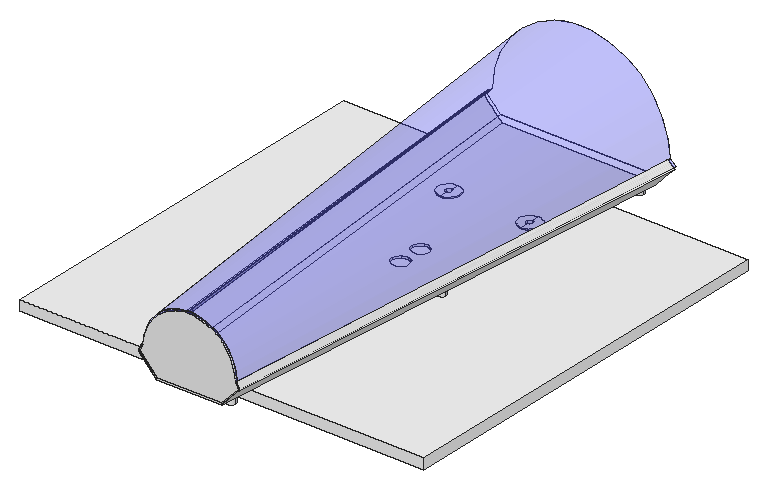
Revit family "BE_50127.1_de_DE", category Leuchten, Revit 2020
Family settings
  Basisbauteil = Fläche
  Bemaßung runder Anschluss = Durchmesser verwenden
  Teiletyp = Normal
  Beim Laden mit Abzugskörper schneiden = Ja
  Lichtquelle = Ja
  Gemeinsam genutzt = Nein
  Raumberechnungspunkt = Ja
Parameters (values of type "BEGA_50127.1_K4")
  built-in parameter 1150104 = 13.22 (stored number, unit not read)
  Wattage = 19.6 W
  Default Elevation = 0 mm
  built-in parameter 1150113 = 1 (stored number, unit not read)
  built-in parameter 1114218 = 1 (stored number, unit not read)
  Umgebungstemperatur = "25 °C"
  URL = "https://www.bega.com/de/produkt/50127.1"
  Typenkommentare = "© 2022 BEGA. Wir behalten uns das Recht vor, technische Änderungen ohne vorherige Ankündigung vorzunehmen."  # constant formula
  built-in parameter 1150134 = 12
  built-in parameter 1150109 = 1 (stored number, unit not read)
  Strom = ""
  built-in parameter 1150110 = 1 (stored number, unit not read)
  Spannung = 239.996 V
  Sonderanfertigung = no
  Seriennummer [instance] = "Hier können Sie die eindeutige Seriennummer für das Facility Management eintragen."
  Schutzklasse = "I"
  Schutzart = "IP 20"
  Scheinlast = 0 VA
  Produktdatenblatt = "https://cdn.bega.com/bega/products/50127.1K4/current/documents/data-sheets/de"
  Oberflächentemperatur = ""
  Neigungswinkel = 0.00°
  Modell = "50127.1K4"
  Material_17 = BEGA_Reflektor
  Material_15 = BEGA_Leuchtmedium_matt
  Material_11 = BEGA_Glas_opal
  Material_09 = BEGA_Glas_klar
  Material_06 = BEGA_Oberfläche_Edelstahl_gebürstet
  Material_05 = BEGA_Oberfläche_Aluminium Guss
  Material_03 = BEGA_Oberfläche_Weiss_matt
  Material_02 = BEGA_Oberfläche_Silber_matt
  Material_01 [instance] = BEGA_Oberfläche_Grafit_matt
  M_W = no
  M_G = no
  M_A = no
  Logo = 0
  built-in parameter 1114217 = 1 (stored number, unit not read)
  built-in parameter 1150139 = (empty or 0)
  built-in parameter 1150105 = 221.95 (stored number, unit not read)
  built-in parameter 1150114 = 1 (stored number, unit not read)
  Lumens = 2789.08 lm
  built-in parameter 1150115 = 1 (stored number, unit not read)
  Leuchtenlichtstrom = "2059 lm"
  Leuchtenanzahl = ""
  Lebensdauerkriterien = "L70B50 @ 25 °C = 200000 h"
  Lastklassifizierung = Beleuchtung
  built-in parameter 1150112 = 1 (stored number, unit not read)
  Lampenlichtstrom = "3350 lm"
  Lampe = "LED 19.2 W"
  LED_Modulbezeichnung = "2x LED-0574/940"
  Hersteller = "BEGA"  # constant formula
  Halbstreuwinkel = ""
  Gewicht = "2.54 kg"
  Gebrauchslageneinschränkung [instance] = ""
  Frequenz = "0/50-60 Hz"
  Farbwiedergabeindex = "CRI > 90"
  Farbtemperaturverschiebung bei Dämpfen der Lampe = <Keine Auswahl>
  Farbtemperatur = "4000 K"
  Color Filter = 16777215
  built-in parameter 1150133 = 10 (stored number, unit not read)
  Energieeffizienzklasse = "LED A++ - A"
  built-in parameter 1150137 = (empty or 0)
  built-in parameter 1150132 = (empty or 0)
  ENEC = "ja"
  Dimmbar [instance] = "DALI"
  Datei für fotometrisches Netz = "BE_50127.1K4.IES"
  CE_Konformität = "ja"
  Bestellnummer = "50127.1K4"
  Beschreibung_Sonderanfertigung = "Hier können Sie Informationen zur Sonderanfertigung eintragen."
  Beschreibung = "Wandleuchte"
  built-in parameter 1150106 = 2.2195 (stored number, unit not read)
  Befestigungsbohrung = "Ø 5,5 mm"
  Befestigungsabstand = "80 mm"
  Ballwurfsicher = ""
  BEGA_Intern_aus = yes
  BEGA_Intern_an = yes
  BEGA_Intern_Konstruktion = yes
  BEGA_Intern = yes
  BEGA_IES = yes
  BEGA_Dummy = no
  Anschlussleitung = ""
  Anschlussleistung [instance] = "22.3 W"
  Anschlusskasten = ""
  built-in parameter 1150107 = 4000 (stored number, unit not read)
  built-in parameter 1150102 = (empty or 0)
  built-in parameter 1150138 = (empty or 0)
  Aktualisierung = "2022-05-18T04:00:07"
  Abstand_zur_angestrahlten_Fläche [instance] = ""
  AC/DC = "AC/DC"
Types (2, lengths in mm): name | built-in parameter 1150104 | built-in parameter 1150134 | Modell | built-in parameter 1150105 | Lumens | Leuchtenlichtstrom | Lampenlichtstrom | LED_Modulbezeichnung | Farbtemperatur | Datei für fotometrisches Netz | Bestellnummer | built-in parameter 1150106 | built-in parameter 1150107
  BEGA_50127.1_K4 | 13.22 (stored number, unit not read) | 12 | "50127.1K4" | 221.95 (stored number, unit not read) | 2789.08 lm | "2059 lm" | "3350 lm" | "2x LED-0574/940" | "4000 K" | "BE_50127.1K4.IES" | "50127.1K4" | 2.2195 (stored number, unit not read) | 4000 (stored number, unit not read)
  BEGA_50127.1_K3 | 12.746 (stored number, unit not read) | (empty or 0) | "50127.1K3" | 213.99 (stored number, unit not read) | 2689.12 lm | "1980 lm" | "3220 lm" | "2x LED-0574/930" | "3000 K" | "BE_50127.1K3.IES" | "50127.1K3" | 2.1399 (stored number, unit not read) | 3000 (stored number, unit not read)
Reference planes
  plane 1 "Mitte (Vorne/Hinten)": y = 0
  plane 2: z = 0
  plane 3 "Mitte (Links/Rechts)": x = 0
  plane 4 "Links": x = -95.135
  plane 5 "Rechts": x = 95.135
  plane 6 "Unten": y = -240.45
  plane 7 "Oben": y = 244.55
  plane 8 "Vorne": z = 117.28
  plane 9 "Hinten": z = 0
Forms (mm)
  Extrusion 1, solid, material "BEGA_Platte_Weiss"
    sketch origin (0, -1119.2, 0) x (1, 0, 0) y (0, 1, 0)
      loop
        line (-200, 1319.2) -> (-200, 919.2) -> (200, 919.2) -> (200, 1319.2) -> (-200, 1319.2)
    from 0 to -10
  Extrusion 2, solid, material "BEGA_Dummy_matt", visible <- "BEGA_Dummy"
    sketch origin (80.095, -76.023, 0) x (1, 0, 0) y (0, 1, 0)
      loop
        line (-175.23, 320.573) -> (-175.23, -164.427) -> (15.04, -164.427) -> (15.04, 320.573) -> (-175.23, 320.573)
    from 0 to 117.28
Dimensions and locks
  plane 1 "Mitte (Vorne/Hinten)" to Extrusion 1 = 200 mm
  aligned and locked: plane 2 to Extrusion 1
  aligned and locked: level to Extrusion 1
Nested families
  nested 1: "BE_50127.1" at (0, 0, 0), type "BE_50127.1"
Connectors
  electrical at (0, 0, 0), driven by "Lastklassifizierung", driven by "Spannung", driven by "Scheinlast"
    settings: index 1, voltage 239.996 V, apparent load 0 VA, apparent load phase1 0 VA, apparent load phase2 0 VA, apparent load phase3 0 VA, power factor 1, load classification "Beleuchtung", number of poles 1, system type 31, power factor state 1, is connector primary yes, connector utility no, sub classification motor no, connector description ""
Definition of nested family "BE_50127.1"
  Parameters (values of type "BE_50127.1")
    Default Elevation = 1 mm
    URL = "http://www.bega.de/de/produkt"
    Type Comments = "© 2015 BEGA. Wir behalten uns das Recht vor, technische Änderungen ohne vorherige Ankündigung vorzunehmen. "  # constant formula
    Type Image = (empty or 0)
    Neigungswinkel_um_Z2 = 0.00°
    Neigungswinkel_um_Z1 = 0.00°
    Neigungswinkel_um_Y2 = 0.00°
    Neigungswinkel_um_Y1 = 0.00°
    Neigungswinkel_um_X2 = 0.00°
    Neigungswinkel_um_X1 = 0.00°
    Material_17 = none
    Material_15 = none
    Material_11 = none
    Material_09 = none
    Material_06 = none
    Material_05 = none
    Material_03 = none
    Material_02 = none
    Material_01 = none
    M_W = yes
    M_G = yes
    M_A = yes
    Länge_Platte = 300 mm  # constant formula
    Höhe_Platte = -10 mm  # constant formula
    Manufacturer = "BEGA"  # constant formula
    Drehwinkel_um_Z2 = 0.00°
    Drehwinkel_um_Z1 = 0.00°
    Breite_Platte = 600 mm  # constant formula
  Reference planes
    plane 1 "Mitte (Oben/Unten)": y = 0
    plane 2: z = 0
    plane 3 "Mitte (Links/Rechts)": x = 0
    plane 4: x = -95.135
    plane 5: x = 95.135
    plane 6: z = 117.28
    plane 7: y = -240.45
    plane 8: y = 244.55
  Forms (mm)
    Extrusion 1, solid, detail levels medium
      sketch origin (0, 0, 0) x (1, 0, 0) y (0, 1, 0)
        loop
          line (-150, 300) -> (-150, -300) -> (150, -300) -> (150, 300) -> (-150, 300)
      from 0 to -10 <- "Höhe_Platte"
    Blend 2, solid, material <- "Material_11", detail levels medium+fine
      base sketch origin (0, 0, 0) x (1, 0, 0) y (0, 0, 1)
        loop
          line (-35.776, 11) -> (35.776, 11) -> (48.961, 24.896) -> (46.65, 29.694)
          arc (46.65, 29.694) -> (0, 76.432) -> (-46.65, 29.694) r 46.65
          line (-46.65, 29.694) -> (-48.961, 24.896) -> (-35.776, 11)
      top sketch origin (0, 0, 0) x (1, 0, 0) y (0, 0, 1)
        loop
          line (-80.161, 11) -> (80.161, 11) -> (93.727, 25.4) -> (87.806, 31.02)
          arc (87.806, 31.02) -> (0, 117.28) -> (-87.806, 31.02) r 87.82
          line (-87.806, 31.02) -> (-93.727, 25.4) -> (-80.161, 11)
      from 239.381 to -244.55
    Extrusion 3, solid, material <- "Material_03", detail levels medium+fine
      sketch origin (0, 0, 0) x (1, 0, 0) y (0, 0, 1)
        loop
          line (-32.456, 7.5) -> (32.456, 7.5) -> (48.961, 24.896) -> (45.602, 31.869)
          arc (45.602, 31.869) -> (0, 75.432) -> (-45.602, 31.869) r 45.65
          line (-45.602, 31.869) -> (-48.961, 24.896) -> (-32.456, 7.5)
      from 239.381 to 240.45
    SweptBlend 4, solid, material <- "Material_03", detail levels medium+fine
      path origin (0, 0, 2) x (0, 1, 0) y (0, 0, -1)
        loop
          line (-240.45, -4.5) -> (240.55, -4.5)
      profile origin (0, -240.45, 6.5) x (0, 0, 1) y (1, 0, 0)
        loop
          line (18.901, -49.44) -> (1, -32.456) -> (1, 32.456) -> (18.901, 49.44) -> (25.078, 46.465) -> (25.416, 47.19) -> (18.751, 50.4) -> (-1, 31.661) -> (-1, -31.661) -> (18.751, -50.4) -> (25.416, -47.19) -> (25.078, -46.465) -> (18.901, -49.44)
      end profile origin (0, 240.55, 6.5) x (0, 0, 1) y (1, 0, 0)
        loop
          line (0, 75.922) -> (18.9, 93.727) -> (24.41, 87.923) -> (25.123, 88.621) -> (18.939, 95.135) -> (-1, 76.351) -> (-1, -76.351) -> (18.939, -95.135) -> (25.123, -88.621) -> (24.41, -87.923) -> (18.9, -93.727) -> (0, -75.922) -> (0, 75.922)
    Extrusion 5, void
      sketch origin (0, 0, 0) x (1, 0, 0) y (0, 1, 0)
        loop
          circle (0, 45.55) r 8.5
        loop
          circle (40, 130.55) r 3
        loop
          circle (-40, 130.55) r 3
        loop
          circle (0, 20.55) r 8.5
      from 0 to 8
    Revolve 6, solid, material <- "Material_03", detail levels medium+fine
      sketch origin (16.805, -224.45, 0) x (1, 0, 0) y (0, 0, 1)
        loop
          line (-49.5, 0) -> (-45.5, 0) -> (-45.5, 5.5) -> (-49.5, 5.5) -> (-49.5, 0)
        axis (-45.5, 5.5) -> (-45.5, 0)
      angle from 0 to 360
    Revolve 7, solid, material <- "Material_03", detail levels medium+fine
      sketch origin (-3.753, 10.539, 0) x (1, 0, 0) y (0, 0, 1)
        loop
          line (-49.5, 0) -> (-45.5, 0) -> (-45.5, 5.5) -> (-49.5, 5.5) -> (-49.5, 0)
        axis (-45.5, 5.5) -> (-45.5, 0)
      angle from 0 to 360
    Revolve 8, solid, material <- "Material_03", detail levels medium+fine
      sketch origin (-23.001, 230.539, 0) x (1, 0, 0) y (0, 0, 1)
        loop
          line (-49.5, 0) -> (-45.5, 0) -> (-45.5, 6.009) -> (-49.5, 6.009) -> (-49.5, 0)
        axis (-45.5, 6.009) -> (-45.5, 0)
      angle from 0 to 360
    Revolve 9, solid, material <- "Material_03", detail levels medium+fine
      sketch origin (-16.805, -224.45, 0) x (-1, 0, 0) y (0, 0, -1)
        loop
          line (-49.5, 0) -> (-49.5, -5.5) -> (-45.5, -5.5) -> (-45.5, 0) -> (-49.5, 0)
        axis (-45.5, -5.5) -> (-45.5, 0)
      angle from 0 to 360
    Revolve 10, solid, material <- "Material_03", detail levels medium+fine
      sketch origin (3.753, 10.539, 0) x (-1, 0, 0) y (0, 0, -1)
        loop
          line (-49.5, 0) -> (-49.5, -5.5) -> (-45.5, -5.5) -> (-45.5, 0) -> (-49.5, 0)
        axis (-45.5, -5.5) -> (-45.5, 0)
      angle from 0 to 360
    Revolve 11, solid, material <- "Material_03", detail levels medium+fine
      sketch origin (23.001, 230.539, 0) x (-1, 0, 0) y (0, 0, -1)
        loop
          line (-49.5, 0) -> (-49.5, -6.009) -> (-45.5, -6.009) -> (-45.5, 0) -> (-49.5, 0)
        axis (-45.5, -6.009) -> (-45.5, 0)
      angle from 0 to 360
    Revolve 12, solid, material <- "Material_03", detail levels medium+fine
      sketch origin (-40, 0, 0) x (0, 1, 0) y (0, 0, 1)
        loop
          line (141.34, 7.434) -> (130.55, 7.434) -> (130.55, 0) -> (135.604, 0)
          arc (135.604, 0) -> (136.854, 0.335) -> (137.769, 1.25) r 2.5
          line (137.769, 1.25) -> (141.34, 7.434)
        axis (130.55, 0) -> (130.55, 7.434)
      angle from 0 to 360
    Revolve 13, solid, material <- "Material_03", detail levels medium+fine
      sketch origin (40, 0, 0) x (0, 1, 0) y (0, 0, -1)
        loop
          line (141.34, -7.434) -> (137.769, -1.25)
          arc (137.769, -1.25) -> (136.854, -0.335) -> (135.604, 0) r 2.5
          line (135.604, 0) -> (130.55, 0) -> (130.55, -7.434) -> (141.34, -7.434)
        axis (130.55, 0) -> (130.55, -7.434)
      angle from 0 to 360
  Cuts and joins
    Extrusion 5 cuts SweptBlend 4
    Extrusion 5 cuts Revolve 12
    Extrusion 5 cuts Revolve 13
    joined: SweptBlend 4, Revolve 6, Revolve 7, Revolve 8, Revolve 9, Revolve 10, Revolve 11, Revolve 12, Revolve 13
    Extrusion 5 cuts Blend 2
  Dimensions and locks
    equal spacing: Extrusion 1 sketch curve, plane 3 "Mitte (Links/Rechts)", Extrusion 1 sketch curve
    equal spacing: Extrusion 1 sketch curve, plane 1 "Mitte (Oben/Unten)", Extrusion 1 sketch curve
    "Länge_Platte": Extrusion 1 sketch curve to Extrusion 1 sketch curve
    "Breite_Platte": Extrusion 1 sketch curve to Extrusion 1 sketch curve
    aligned and locked: Extrusion 1 to plane 2
    aligned and locked: level to Extrusion 1
  Automatic sketch dimensions
    Blend 2 sketch curve to plane 3 "Mitte (Links/Rechts)" = 0 mm  (x2)
    level to Blend 2 sketch curve = 11 mm  (x2)
    Blend 2 sketch curve to plane 3 "Mitte (Links/Rechts)" = 35.776 mm
    Blend 2 sketch curve to Blend 2 sketch curve = 10.874 mm  (x2)
    Blend 2 sketch curve to Blend 2 sketch curve = 2.311 mm  (x2)
    plane 3 "Mitte (Links/Rechts)" to Blend 2 sketch curve = 35.776 mm
    level to Blend 2 sketch curve = 29.694 mm
    Blend 2 sketch curve to Blend 2 sketch curve = 4.798 mm  (x2)
    level to Blend 2 sketch curve = 29.782 mm
    Blend 2 sketch curve to Blend 2 sketch curve = 5.921 mm  (x2)
    Blend 2 sketch curve to Blend 2 sketch curve = 14.4 mm  (x2)
    level to Blend 2 sketch curve = 29.46 mm
    Blend 2 sketch curve to Blend 2 sketch curve = 5.62 mm
    Extrusion 3 sketch curve to plane 3 "Mitte (Links/Rechts)" = 0 mm
    level to Extrusion 3 sketch curve = 7.5 mm
    Extrusion 3 sketch curve to plane 3 "Mitte (Links/Rechts)" = 32.456 mm
    Extrusion 3 sketch curve to Extrusion 3 sketch curve = 13.147 mm  (x2)
    Extrusion 3 sketch curve to Extrusion 3 sketch curve = 3.358 mm  (x2)
    plane 3 "Mitte (Links/Rechts)" to Extrusion 3 sketch curve = 32.456 mm
    level to Extrusion 3 sketch curve = 31.869 mm
    Extrusion 3 sketch curve to Extrusion 3 sketch curve = 6.973 mm  (x2)
    level to Extrusion 3 sketch curve = 29.782 mm
    SweptBlend 4 sketch curve to level = 6.5 mm
    SweptBlend 4 sketch curve to profile plane = 0 mm
    profile plane to SweptBlend 4 sketch curve = 1 mm  (x2)
    SweptBlend 4 sketch curve to profile plane = 18.9 mm  (x2)
    SweptBlend 4 sketch curve to SweptBlend 4 sketch curve = 0.039 mm  (x2)
    SweptBlend 4 sketch curve to SweptBlend 4 sketch curve = 5.51 mm  (x2)
    SweptBlend 4 sketch curve to SweptBlend 4 sketch curve = 0.714 mm  (x2)
    SweptBlend 4 sketch curve to plane 3 "Mitte (Links/Rechts)" = 95.135 mm
    SweptBlend 4 sketch curve to SweptBlend 4 sketch curve = 1.408 mm  (x2)
    SweptBlend 4 sketch curve to SweptBlend 4 sketch curve = 5.106 mm
    SweptBlend 4 sketch curve to SweptBlend 4 sketch curve = 0.698 mm  (x2)
    SweptBlend 4 sketch curve to SweptBlend 4 sketch curve = 17.376 mm
    SweptBlend 4 sketch curve to SweptBlend 4 sketch curve = 0.429 mm  (x2)
    plane 3 "Mitte (Links/Rechts)" to SweptBlend 4 sketch curve = 75.922 mm
    SweptBlend 4 sketch curve to SweptBlend 4 sketch curve = 12.001 mm
    SweptBlend 4 sketch curve to SweptBlend 4 sketch curve = 5.804 mm
    Extrusion 5 sketch curve to plane 3 "Mitte (Links/Rechts)" = 0 mm  (x2)
    Extrusion 5 sketch curve to plane 1 "Mitte (Oben/Unten)" = 20.55 mm
    Extrusion 5 sketch curve to Extrusion 5 sketch curve = 25 mm
    Revolve 6 sketch curve to level = 0 mm  (x2)
    Revolve 6 sketch curve to plane 3 "Mitte (Links/Rechts)" = 32.695 mm
    Revolve 6 sketch curve to Revolve 6 sketch curve = 4 mm
    Revolve 6 sketch curve to Revolve 6 sketch curve = 5.5 mm
    Revolve 6 sketch curve to Revolve 6 sketch curve = 0 mm
    Revolve 6 sketch curve to Revolve 6 sketch curve = 1.215 mm
    Revolve 7 sketch curve to level = 0 mm  (x2)
    Revolve 7 sketch curve to Revolve 7 sketch curve = 4 mm
    Revolve 7 sketch curve to Revolve 7 sketch curve = 5.5 mm
    Revolve 7 sketch curve to Revolve 7 sketch curve = 0 mm
    Revolve 7 sketch curve to Revolve 7 sketch curve = 1.215 mm
    Revolve 8 sketch curve to level = 0 mm  (x2)
    Revolve 8 sketch curve to Revolve 8 sketch curve = 4 mm
    Revolve 8 sketch curve to Revolve 8 sketch curve = 6.009 mm
    Revolve 8 sketch curve to Revolve 8 sketch curve = 0 mm
    Revolve 8 sketch curve to Revolve 8 sketch curve = 1.215 mm
    Revolve 9 sketch curve to level = 0 mm  (x2)
    plane 3 "Mitte (Links/Rechts)" to Revolve 9 sketch curve = 32.695 mm
    Revolve 9 sketch curve to Revolve 9 sketch curve = 4 mm
    Revolve 9 sketch curve to Revolve 9 sketch curve = 5.5 mm
    Revolve 9 sketch curve to Revolve 9 sketch curve = 0 mm
    Revolve 9 sketch curve to Revolve 9 sketch curve = 1.215 mm
    Revolve 10 sketch curve to level = 0 mm  (x2)
    Revolve 10 sketch curve to Revolve 10 sketch curve = 4 mm
    Revolve 10 sketch curve to Revolve 10 sketch curve = 5.5 mm
    Revolve 10 sketch curve to Revolve 10 sketch curve = 0 mm
    Revolve 10 sketch curve to Revolve 10 sketch curve = 1.215 mm
    Revolve 11 sketch curve to level = 0 mm  (x2)
    Revolve 11 sketch curve to Revolve 11 sketch curve = 4 mm
    Revolve 11 sketch curve to Revolve 11 sketch curve = 6.009 mm
    Revolve 11 sketch curve to Revolve 11 sketch curve = 0 mm
    Revolve 11 sketch curve to Revolve 11 sketch curve = 1.215 mm
    Revolve 12 sketch curve to level = 0 mm  (x2)
    Revolve 12 sketch curve to Revolve 12 sketch curve = 5.054 mm
    Revolve 12 sketch curve to Revolve 12 sketch curve = 5.736 mm
    Revolve 12 sketch curve to Revolve 12 sketch curve = 2.5 mm
    Revolve 12 sketch curve to Revolve 12 sketch curve = 4.934 mm
    Revolve 12 sketch curve to Revolve 12 sketch curve = 0 mm  (x2)
    level to Revolve 12 sketch curve = 1.25 mm  (x2)
    Revolve 12 sketch curve to Revolve 12 sketch curve = 3.5 mm
    Revolve 13 sketch curve to level = 0 mm  (x2)
    Revolve 13 sketch curve to Revolve 13 sketch curve = 5.054 mm
    Revolve 13 sketch curve to Revolve 13 sketch curve = 5.736 mm
    Revolve 13 sketch curve to Revolve 13 sketch curve = 2.5 mm
    level to Revolve 13 sketch curve = 7.434 mm
    Revolve 13 sketch curve to Revolve 13 sketch curve = 0 mm  (x2)
    level to Revolve 13 sketch curve = 1.25 mm  (x2)
    Revolve 13 sketch curve to Revolve 13 sketch curve = 3.5 mm
    Blend 2 sketch curve to plane 3 "Mitte (Links/Rechts)" = 80.161 mm
    level to Blend 2 sketch curve = 31.02 mm
    Extrusion 5 sketch curve to plane 3 "Mitte (Links/Rechts)" = 40 mm
    Revolve 7 sketch curve to plane 3 "Mitte (Links/Rechts)" = 53.253 mm
    Revolve 8 sketch curve to plane 3 "Mitte (Links/Rechts)" = 72.501 mm
    Blend 2 sketch curve to Blend 2 sketch curve = 7.645 mm
    Blend 2 sketch curve to Blend 2 sketch curve = 13.566 mm
    plane 3 "Mitte (Links/Rechts)" to Extrusion 5 sketch curve = 40 mm
    plane 3 "Mitte (Links/Rechts)" to Revolve 10 sketch curve = 53.253 mm
    plane 3 "Mitte (Links/Rechts)" to Revolve 11 sketch curve = 72.501 mm
    SweptBlend 4 sketch curve to plane 1 "Mitte (Oben/Unten)" = 240.45 mm
    plane 1 "Mitte (Oben/Unten)" to SweptBlend 4 sketch curve = 240.55 mm
    Extrusion 5 sketch curve to Extrusion 5 sketch curve = 85 mm
    Extrusion 5 sketch curve to Extrusion 5 sketch curve = 0 mm
    Revolve 12 sketch curve to plane 1 "Mitte (Oben/Unten)" = 130.55 mm
    Revolve 13 sketch curve to plane 1 "Mitte (Oben/Unten)" = 130.55 mm
    SweptBlend 4 sketch curve to profile plane = 1 mm
    SweptBlend 4 sketch curve to profile plane = 18.751 mm  (x2)
    SweptBlend 4 sketch curve to SweptBlend 4 sketch curve = 0.15 mm  (x2)
    SweptBlend 4 sketch curve to SweptBlend 4 sketch curve = 6.177 mm  (x2)
    SweptBlend 4 sketch curve to SweptBlend 4 sketch curve = 0.338 mm  (x2)
    SweptBlend 4 sketch curve to plane 3 "Mitte (Links/Rechts)" = 50.4 mm
    SweptBlend 4 sketch curve to SweptBlend 4 sketch curve = 0.96 mm  (x2)
    SweptBlend 4 sketch curve to SweptBlend 4 sketch curve = 2.25 mm
    SweptBlend 4 sketch curve to SweptBlend 4 sketch curve = 0.725 mm  (x2)
    SweptBlend 4 sketch curve to SweptBlend 4 sketch curve = 16.984 mm
    SweptBlend 4 sketch curve to SweptBlend 4 sketch curve = 0.795 mm  (x2)
    plane 3 "Mitte (Links/Rechts)" to SweptBlend 4 sketch curve = 31.661 mm
    SweptBlend 4 sketch curve to SweptBlend 4 sketch curve = 14.009 mm
    SweptBlend 4 sketch curve to SweptBlend 4 sketch curve = 2.975 mm
    radius of Extrusion 5 sketch curve = 8.5 mm  (x2)
    radius of Extrusion 5 sketch curve = 3 mm  (x2)
